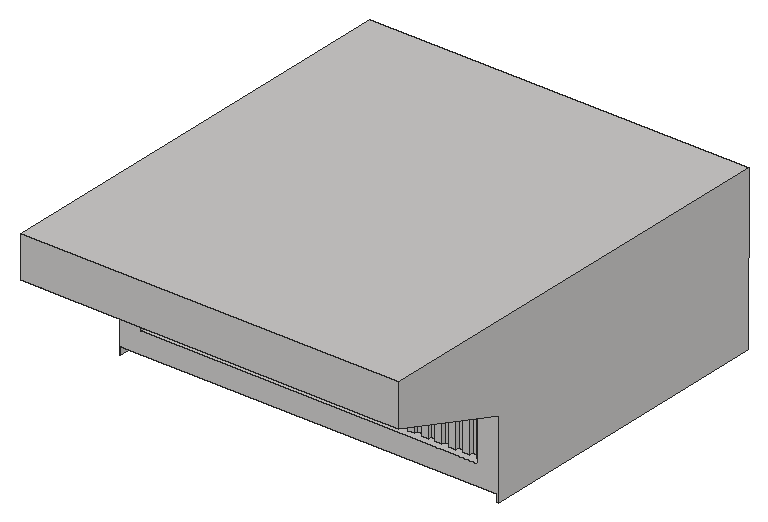
Revit family "QF_ZANUSSI_922731_HOEXFAST61021", category Specialty Equipment, Revit 2021
Family settings
  Round Connector Dimension = Use Diameter
  Part Type = Normal
  Work Plane-Based = No
  Always vertical = Yes
  Cut with Voids When Loaded = No
  Shared = No
  Room Calculation Point = No
Parameters
  Weight = 67.00 kg
  Watts = 0 W
  Volts = 220 V
  URL Manufacturer = "http://www.zanussiprofessional.com"
  URL = "http://www.zanussiprofessional.com"
  Steam Supply Size = 0 mm
  Steam Supply Minimum Pressure = 0.0 Pa
  Steam Supply Maximum Pressure = 0.0 Pa
  Steam Pounds per Hour = 0
  Show Logo [instance] = yes
  Show Clearance [instance] = yes
  Refrigeration Suction Line Size = 0 mm
  Refrigeration Liquid Line Size = 0 mm
  Refrigerant Compressor Remote = yes
  Manufacturer = "Zanussi"
  Phase = 1
  Model = "HOSS21"
  Length Actual = 1098 mm
  Item Number = "922731"
  Hot Water Size = 0 mm
  Height Actual = 450 mm
  HP = "0.6 HP"
  Gas Size = 0 mm
  Gas KW = 0
  Gas Input Pressure = 0 W
  Direct Waste Size = 0 mm
  Description = "EXHAUST HOOD WITH FAN FOR STACKING 6+6&10 GN 2/1 OVENS"
  Depth Actual = 1266 mm
  Default Elevation = 0 mm
  Cycle = 50 Hz
  Condensate Return Size = 0 mm
  Compressed Air Volume = 0.0 L/s
  Compressed Air Size = 0 mm
  Compressed Air Pressure = 0.0 Pa
  Cold Water Size = 0 mm
  Accessory = no
Reference planes
  plane 1 "Center X": y = 190.351
  plane 2: z = 0
  plane 3 "Center Y": x = -215
  plane 4 "LEFT": x = -760
  plane 5 "BACK": y = 675.851
  plane 6 "RIGHT": x = 330
  plane 7 "FRONT": y = -295.149
  plane 8 "TOP": z = 1728
  plane 9: y = -590.149
  plane 10: x = -764
  plane 11: x = 334
  plane 12: z = 2178
Forms (mm)
  Extrusion 1, solid, material "QF_Clearance", visible <- "Show Clearance", detail levels coarse
    sketch origin (0, 0, 0) x (1, 0, 0) y (0, 1, 0)
      loop
        line (-764, 675.851) -> (334, 675.851) -> (334, 825.851) -> (-764, 825.851) -> (-764, 675.851)
    from 1707 to 2178
  Extrusion 2, solid, material "QF_Clearance", visible <- "Show Clearance", detail levels coarse
    sketch origin (-1150.39, -1524, 2178) x (-1, 0, 0) y (0, -1, 0)
      loop
        line (-386.39, -933.851) -> (-1484.39, -933.851) -> (-1484.39, -2349.851) -> (-386.39, -2349.851) -> (-386.39, -933.851)
    from 450 to 0
  Extrusion 3, solid, material "QF_Finishes_Stainless Steel"
    sketch origin (-215, 0, 0) x (0, 1, 0) y (0, 0, 1)
      loop
        line (675.851, 1728) -> (675.851, 2178) -> (-590.149, 2178) -> (-590.149, 2057.936) -> (-230.149, 1933.979) -> (-230.149, 1728) -> (675.851, 1728)
    from -549 to -489
  Extrusion 4, solid, material "QF_Finishes_Stainless Steel"
    sketch origin (-215, 0, 0) x (0, 1, 0) y (0, 0, 1)
      loop
        line (675.851, 1728) -> (675.851, 2178) -> (-590.149, 2178) -> (-590.149, 2057.936) -> (-230.149, 1933.979) -> (-230.149, 1728) -> (675.851, 1728)
    from 549 to 489
  Extrusion 5, solid, material "QF_Finishes_Stainless Steel"
    sketch origin (-215, 0, 0) x (0, 1, 0) y (0, 0, 1)
      loop
        line (675.851, 1728) -> (675.851, 2178) -> (-590.149, 2178) -> (-590.149, 2057.936) -> (-210.149, 2057.936) -> (-210.149, 1788) -> (-230.149, 1788) -> (-230.149, 1728) -> (675.851, 1728)
    from -489 to 489
  Extrusion 6, solid, material "QF_Finishes_Stainless Steel"
    sketch origin (0, -295.149, 0) x (-1, 0, 0) y (0, 0, 1)
      loop
        line (764, 1728) -> (760, 1728) -> (760, 1707) -> (764, 1707) -> (764, 1728)
      loop
        line (-330, 1728) -> (-334, 1728) -> (-334, 1707) -> (-330, 1707) -> (-330, 1728)
    from 65 to 971
  Extrusion 7, void
    sketch origin (0, 0, 0) x (1, 0, 0) y (0, 1, 0)
      loop
        line (-685, -200.149) -> (-685, -210.149) -> (-665, -210.149) -> (-665, -200.149) -> (-685, -200.149)
      loop
        line (-645, -200.149) -> (-645, -210.149) -> (-625, -210.149) -> (-625, -200.149) -> (-645, -200.149)
      loop
        line (-605, -200.149) -> (-605, -210.149) -> (-585, -210.149) -> (-585, -200.149) -> (-605, -200.149)
      loop
        line (-565, -200.149) -> (-565, -210.149) -> (-545, -210.149) -> (-545, -200.149) -> (-565, -200.149)
      loop
        line (-525, -200.149) -> (-525, -210.149) -> (-505, -210.149) -> (-505, -200.149) -> (-525, -200.149)
      loop
        line (-485, -200.149) -> (-485, -210.149) -> (-465, -210.149) -> (-465, -200.149) -> (-485, -200.149)
      loop
        line (-445, -200.149) -> (-445, -210.149) -> (-425, -210.149) -> (-425, -200.149) -> (-445, -200.149)
      loop
        line (-405, -200.149) -> (-405, -210.149) -> (-385, -210.149) -> (-385, -200.149) -> (-405, -200.149)
      loop
        line (-365, -200.149) -> (-365, -210.149) -> (-345, -210.149) -> (-345, -200.149) -> (-365, -200.149)
      loop
        line (-325, -200.149) -> (-325, -210.149) -> (-305, -210.149) -> (-305, -200.149) -> (-325, -200.149)
      loop
        line (-285, -200.149) -> (-285, -210.149) -> (-265, -210.149) -> (-265, -200.149) -> (-285, -200.149)
      loop
        line (-245, -200.149) -> (-245, -210.149) -> (-225, -210.149) -> (-225, -200.149) -> (-245, -200.149)
      loop
        line (-205, -200.149) -> (-205, -210.149) -> (-185, -210.149) -> (-185, -200.149) -> (-205, -200.149)
      loop
        line (-165, -200.149) -> (-165, -210.149) -> (-145, -210.149) -> (-145, -200.149) -> (-165, -200.149)
      loop
        line (-125, -200.149) -> (-125, -210.149) -> (-105, -210.149) -> (-105, -200.149) -> (-125, -200.149)
      loop
        line (-85, -200.149) -> (-85, -210.149) -> (-65, -210.149) -> (-65, -200.149) -> (-85, -200.149)
      loop
        line (-45, -200.149) -> (-45, -210.149) -> (-25, -210.149) -> (-25, -200.149) -> (-45, -200.149)
      loop
        line (-5, -200.149) -> (-5, -210.149) -> (15, -210.149) -> (15, -200.149) -> (-5, -200.149)
      loop
        line (35, -200.149) -> (35, -210.149) -> (55, -210.149) -> (55, -200.149) -> (35, -200.149)
      loop
        line (75, -200.149) -> (75, -210.149) -> (95, -210.149) -> (95, -200.149) -> (75, -200.149)
      loop
        line (115, -200.149) -> (115, -210.149) -> (135, -210.149) -> (135, -200.149) -> (115, -200.149)
      loop
        line (155, -200.149) -> (155, -210.149) -> (175, -210.149) -> (175, -200.149) -> (155, -200.149)
      loop
        line (195, -200.149) -> (195, -210.149) -> (215, -210.149) -> (215, -200.149) -> (195, -200.149)
      loop
        line (235, -200.149) -> (235, -210.149) -> (255, -210.149) -> (255, -200.149) -> (235, -200.149)
    from 1788 to 2057.936
  Extrusion 8, solid, material "QF_Finishes_Stainless Steel"
    sketch origin (0, 675.851, 0) x (-1, 0, 0) y (0, 0, 1)
      loop
        circle (-309, 2113) r 8
      loop
        circle (215, 1746) r 7
    from 0 to 20
  Extrusion 9, solid, material "QF_Finishes_Stainless Steel"
    sketch origin (-764, 902.856, 4000) x (0, 1, 0) y (0, 0, 1)
      loop
        line (-106.005, -2270.064) -> (-106.005, -2125.063) -> (-227.005, -2004.063) -> (-227.005, -2270.064) -> (-106.005, -2270.064)
    from 365 to 50
Cuts and joins
  joined: Extrusion 1, Extrusion 2
  Extrusion 7 cuts Extrusion 5
  joined: Extrusion 3, Extrusion 4, Extrusion 5, Extrusion 6, Extrusion 8, Extrusion 9
Lines and regions (mm)
  symbolic lines, style "QF_Clearances", visible <- "Show Clearance"
    curve 1: line (334, 825.851, 0) -> (-764, 825.851, 0)
  symbolic lines, style "Linee tratto punto"
    curve 2: line (-764, 675.851, 0) -> (334, 675.851, 0)
    curve 3: line (-764, -590.149, 0) -> (-764, 675.851, 0)
    curve 4: line (334, -590.149, 0) -> (-764, -590.149, 0)
    curve 5: line (334, 675.851, 0) -> (334, -590.149, 0)
    curve 6: line (-714, 796.851, 0) -> (-714, 675.851, 0)
    curve 7: line (-399, 796.851, 0) -> (-714, 796.851, 0)
    curve 8: line (-399, 675.851, 0) -> (-399, 796.851, 0)
    curve 19: line (-764, -590.149, 0) -> (334, 675.851, 0)
    curve 20: line (-764, 675.851, 0) -> (334, -590.149, 0)
  symbolic lines
    curve 9: line (-222, 695.851, 0) -> (-208, 695.851, 0)
    curve 10: line (-208, 695.851, 0) -> (-208, 675.851, 0)
    curve 11: line (-222, 695.851, 0) -> (-222, 675.851, 0)
    curve 12: line (317, 695.851, 0) -> (317, 675.851, 0)
    curve 13: line (317, 695.851, 0) -> (301, 695.851, 0)
    curve 14: line (301, 695.851, 0) -> (301, 675.851, 0)
  symbolic lines, style "SpecialityEquipmentHiddenLines"
    curve 15: line (-111, 534.851, 0) -> (189, 534.851, 0)
    curve 16: line (-111, 234.851, 0) -> (-111, 534.851, 0)
    curve 17: line (189, 234.851, 0) -> (-111, 234.851, 0)
    curve 18: line (189, 534.851, 0) -> (189, 234.851, 0)
Dimensions and locks
  equal spacing: plane 4 "LEFT", plane 3 "Center Y", plane 6 "RIGHT"
  plane 10 to plane 11 = 1098 mm
  plane 5 "BACK" to plane 9 = 1266 mm
  equal spacing: plane 5 "BACK", plane 1 "Center X", plane 7 "FRONT"
  locked: plane 10 to plane 4 "LEFT" at 4
  locked: plane 6 "RIGHT" to plane 11 at 4
  cut or joined group of Extrusion 3, Extrusion 4, Extrusion 5, Extrusion 6, Extrusion 7, Extrusion 8, Extrusion 9 to Extrusion 8 sketch curve = 39 mm
  Extrusion 8 sketch curve to plane 12 = 65 mm
  plane 11 to Extrusion 8 sketch curve = 25 mm
  aligned and locked: level to plane 2
Automatic sketch dimensions
  Extrusion 1 sketch curve to plane 10 = 0 mm
  Extrusion 1 sketch curve to plane 11 = 0 mm
  Extrusion 1 sketch curve to plane 5 "BACK" = 0 mm
  plane 5 "BACK" to Extrusion 1 sketch curve = 150 mm
  Extrusion 2 sketch curve to plane 9 = 0 mm
  Extrusion 2 sketch curve to plane 11 = 0 mm
  Extrusion 2 sketch curve to plane 10 = 0 mm
  plane 5 "BACK" to Extrusion 2 sketch curve = 150 mm
  Extrusion 3 sketch curve to plane 9 = 0 mm
  Extrusion 3 sketch curve to plane 8 "TOP" = 0 mm
  Extrusion 3 sketch curve to plane 5 "BACK" = 0 mm
  Extrusion 3 sketch curve to plane 12 = 0 mm
  plane 7 "FRONT" to Extrusion 3 sketch curve = 65 mm
  plane 8 "TOP" to Extrusion 3 sketch curve = 205.979 mm
  Extrusion 3 sketch curve to Extrusion 3 sketch curve = 120.064 mm
  Extrusion 4 sketch curve to plane 9 = 0 mm
  Extrusion 4 sketch curve to plane 8 "TOP" = 0 mm
  Extrusion 4 sketch curve to plane 5 "BACK" = 0 mm
  Extrusion 4 sketch curve to plane 12 = 0 mm
  plane 7 "FRONT" to Extrusion 4 sketch curve = 65 mm
  plane 8 "TOP" to Extrusion 4 sketch curve = 205.979 mm
  Extrusion 4 sketch curve to Extrusion 4 sketch curve = 120.064 mm
  Extrusion 5 sketch curve to plane 9 = 0 mm
  Extrusion 5 sketch curve to plane 8 "TOP" = 0 mm
  Extrusion 5 sketch curve to plane 5 "BACK" = 0 mm
  Extrusion 5 sketch curve to plane 12 = 0 mm
  plane 7 "FRONT" to Extrusion 5 sketch curve = 65 mm
  plane 7 "FRONT" to Extrusion 5 sketch curve = 85 mm
  plane 8 "TOP" to Extrusion 5 sketch curve = 60 mm
  Extrusion 5 sketch curve to plane 12 = 120.064 mm
  Extrusion 6 sketch curve to plane 8 "TOP" = 0 mm  (x2)
  Extrusion 6 sketch curve to plane 11 = 0 mm
  Extrusion 6 sketch curve to plane 6 "RIGHT" = 0 mm
  Extrusion 6 sketch curve to plane 4 "LEFT" = 0 mm
  Extrusion 6 sketch curve to plane 10 = 0 mm
  Extrusion 6 sketch curve to plane 8 "TOP" = 21 mm
  Extrusion 6 sketch curve to Extrusion 6 sketch curve = 21 mm
  plane 4 "LEFT" to Extrusion 7 sketch curve = 75 mm
  Extrusion 7 sketch curve to Extrusion 7 sketch curve = 20 mm  (x45)
  Extrusion 7 sketch curve to plane 3 "Center Y" = 10 mm
  plane 3 "Center Y" to Extrusion 7 sketch curve = 10 mm
  plane 7 "FRONT" to Extrusion 7 sketch curve = 85 mm  (x2)
  Extrusion 7 sketch curve to Extrusion 7 sketch curve = 0 mm  (x22)
  Extrusion 7 sketch curve to Extrusion 7 sketch curve = 10 mm  (x24)
  Extrusion 8 sketch curve to plane 3 "Center Y" = 0 mm
  Extrusion 9 sketch curve to plane 5 "BACK" = 0 mm
  plane 8 "TOP" to Extrusion 9 sketch curve = 1.937 mm
  plane 5 "BACK" to Extrusion 9 sketch curve = 121 mm
  Extrusion 9 sketch curve to Extrusion 9 sketch curve = 145 mm
  Extrusion 9 sketch curve to Extrusion 9 sketch curve = 121 mm
  curve 1 to plane 10 = 0 mm
  curve 4 to plane 10 = 0 mm
  curve 1 to plane 11 = 0 mm
  curve 19 to plane 5 "BACK" = 0 mm
  curve 19 to plane 11 = 0 mm
  curve 5 to plane 9 = 0 mm
  plane 4 "LEFT" to curve 6 = 46 mm
  curve 8 to plane 3 "Center Y" = 184 mm
  curve 11 to plane 3 "Center Y" = 7 mm
  plane 3 "Center Y" to curve 9 = 7 mm
  plane 3 "Center Y" to curve 15 = 104 mm
  curve 18 to plane 6 "RIGHT" = 141 mm
  curve 14 to plane 6 "RIGHT" = 29 mm
  curve 12 to plane 6 "RIGHT" = 13 mm
  curve 17 to plane 1 "Center X" = 44.5 mm
  curve 15 to plane 5 "BACK" = 141 mm
  curve 12 to curve 13 = 20 mm
  plane 5 "BACK" to curve 11 = 20 mm
  plane 5 "BACK" to curve 7 = 121 mm
  curve 12 to curve 1 = 130 mm
  radius of Extrusion 8 sketch curve = 8 mm
  radius of Extrusion 8 sketch curve = 7 mm
Connectors
  electrical at (309, 695.851, 2113)
    settings: on cut or joined group of Extrusion 3, Extrusion 4, Extrusion 5, Extrusion 6, Extrusion 7, Extrusion 8, Extrusion 9, index 1, voltage 0 V, apparent load 0 VA, apparent load phase1 0 VA, apparent load phase2 0 VA, apparent load phase3 0 VA, power factor 1, load classification "Altro", number of poles 1, system type 30, power factor state 1, is connector primary yes, connector utility no, sub classification motor no, connector description "Electrical Connection"
  piping at (-215, 695.851, 1746), diameter 14
    settings: on cut or joined group of Extrusion 3, Extrusion 4, Extrusion 5, Extrusion 6, Extrusion 7, Extrusion 8, Extrusion 9, index 2, connector inside diameter 609.6 mm, connector length 0 mm, flow factor 0, pipe flow 0.0 L/s, pressure drop 0.0 Pa, fitting loss kfactor 0, connector angle 0.00°, fixture units 0, engagement length 0 mm, angle of deflection 0.00°, flow configuration 1, flow direction 2, fitting loss method 0, system type 16, joint type 0, gender type 0, connector reference index -1, connector utility 0, adjustable connector no, is connector primary yes, connector description "Drain"
